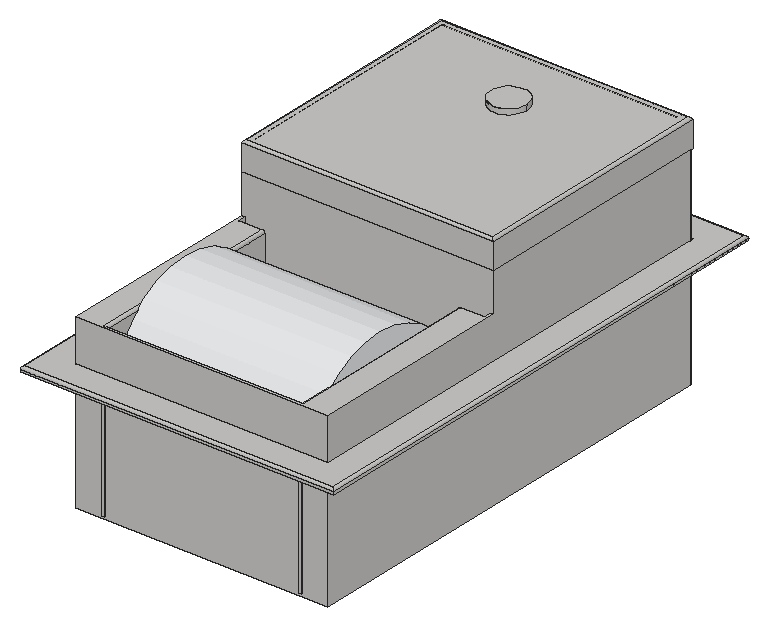
Revit family "RBA BIM - B3888", category Specialty Equipment, host Face, Revit 2013
Parameters (values of type "B-3888")
  URL = "www.rba.com.au"
  Type Comments = "Satin Finish"
  Product Page URL = ""
  Model = "B-3888"
  Manufacturer = "RBA Group"
  Lock Radius = 0.011113 m
  Finish Material = Stainless Steel - Bobrick - Satin
  Description = "Recessed Multi-Roll Toilet Tissue Dispenser"
  Default Elevation = 0.7112 m
  Assembly Code = "C1030200"
  ADA Compliant = yes
Reference planes (m)
  plane 1 "Center (Front/Back)": y = 0
  plane 2: z = 0
  plane 3 "Center (Left/Right)": x = 0
  plane 4 "Left": x = -0.076994
  plane 5 "Right": x = 0.076994
  plane 6 "Top": y = 0.1397
  plane 7 "Bottom": y = -0.1397
  plane 8: x = -0.059531
  plane 9: x = 0.059531
  plane 10: y = -0.017463
  plane 11: y = -0.138113
  plane 12: x = -0.075406
  plane 13: x = 0.075406
  plane 14: y = 0.138112
  plane 15: y = -0.0127
  plane 16: y = 0.09525
  plane 17: y = -0.077788
  plane 18: z = -0.0762
  plane 19: z = -0.074613
  plane 20: z = -0.015875
  plane 21: z = 0.06985
  plane 22: z = 0.073025
  plane 23: z = 0.028575
  plane 24: z = 0.003175
  plane 25: x = -0.096044
  plane 26: x = 0.096044
  plane 27: y = 0.15875
  plane 28: y = -0.15875
  plane 29: x = -0.069078
  plane 30: x = 0.069078
  plane 31: y = -0.004763
  plane 32: y = 0.131762
  plane 33: y = 0.1397
  plane 34: z = 0
Forms (m)
  Extrusion 1, solid, material "Stainless Steel - Bobrick - Satin" <- "Finish Material"
    sketch origin (0, 0, 0) x (1, 0, 0) y (0, 1, 0)
      loop
        arc (-0.075406, 0.1397) -> (-0.076529, 0.139235) -> (-0.076994, 0.138112) r 0.001588
        line (-0.076994, 0.138112) -> (-0.076994, -0.1397) -> (0.076994, -0.1397) -> (0.076994, 0.138123)
        arc (0.076994, 0.138123) -> (0.076532, 0.139238) -> (0.075417, 0.1397) r 0.001577
        line (0.075417, 0.1397) -> (-0.075406, 0.1397)
      loop
        line (-0.075406, 0.138112) -> (-0.075406, -0.138113) -> (0.075406, -0.138113) -> (0.075406, 0.138112) -> (-0.075406, 0.138112)
    from -0.0762 to 0
  Extrusion 2, solid, material "Stainless Steel - Bobrick - Satin" <- "Finish Material"
    sketch origin (0, 0, 0) x (1, 0, 0) y (0, 1, 0)
      loop
        line (-0.076994, 0.138112) -> (-0.076994, -0.1397) -> (0.076994, -0.1397) -> (0.076994, 0.138123)
        arc (0.076994, 0.138123) -> (0.076532, 0.139238) -> (0.075417, 0.1397) r 0.001577
        line (0.075417, 0.1397) -> (-0.075406, 0.1397)
        arc (-0.075406, 0.1397) -> (-0.076529, 0.139235) -> (-0.076994, 0.138112) r 0.001588
    from -0.0762 to -0.074612
  Extrusion 3, void
    sketch origin (0, 0, 0.153987) x (1, 0, 0) y (0, 1, 0)
      loop
        line (0.076994, -0.1397) -> (0.076994, 0.139722) -> (-0.077015, 0.139722) -> (-0.077015, -0.1397) -> (0.076994, -0.1397)
    from -0.230187 to -0.153987
  Extrusion 4, solid, material "Stainless Steel - Bobrick - Satin" <- "Finish Material"
    sketch origin (0, 0, -0.092075) x (1, 0, 0) y (0, 1, 0)
      loop
        line (-0.069078, 0.131762) -> (-0.069078, -0.004763) -> (0.069078, -0.004763) -> (0.069078, 0.131762) -> (-0.069078, 0.131762)
    from 0.160337 to 0.161925
  Extrusion 5, solid, material "Stainless Steel - Bobrick - Satin" <- "Finish Material", detail levels fine
    sketch origin (0, 0, -0.092075) x (1, 0, 0) y (0, 1, 0)
      loop
        circle (0, 0.09525) r 0.011113
    from 0.161925 to 0.1651
  Sweep 6, solid, material "Stainless Steel - Bobrick - Satin" <- "Finish Material"
    path origin (0, 0, -0.080962) x (1, 0, 0) y (0, 1, 0)
      loop
        line (-0.076994, 0.1397) -> (-0.076994, -0.0127) -> (0.076994, -0.0127) -> (0.076994, 0.1397) -> (-0.076994, 0.1397)
    profile origin (0, 0.1397, -0.080962) x (0, 1, 0) y (0, 0, 1)
      loop
        line (0, 0.13335) -> (0, 0.149225)
        arc (0, 0.149225) -> (-0.000465, 0.150348) -> (-0.001587, 0.150812) r 0.001588
        line (-0.001587, 0.150812) -> (-0.007938, 0.150812) -> (-0.007938, 0.149225) -> (-0.003175, 0.149225)
        arc (-0.003175, 0.149225) -> (-0.002052, 0.14876) -> (-0.001588, 0.147637) r 0.001588
        line (-0.001588, 0.147637) -> (-0.001587, 0.13335) -> (0, 0.13335)
  Extrusion 7, solid, material "Stainless Steel - Bobrick - Satin" <- "Finish Material"
    sketch origin (0, 0, 0.153987) x (1, 0, 0) y (0, 1, 0)
      loop
        arc (-0.075406, 0.1397) -> (-0.076529, 0.139235) -> (-0.076994, 0.138112) r 0.001588
        line (-0.076994, 0.138112) -> (-0.076994, -0.012722) -> (0.077015, -0.012722) -> (0.076994, 0.138123)
        arc (0.076994, 0.138123) -> (0.076532, 0.139238) -> (0.075417, 0.1397) r 0.001577
        line (0.075417, 0.1397) -> (-0.075406, 0.1397)
      loop
        line (-0.075406, 0.138112) -> (-0.075406, -0.011134) -> (0.075406, -0.011134) -> (0.075406, 0.138112) -> (-0.075406, 0.138112)
    from -0.153987 to -0.1016
  Extrusion 8, solid, material "Stainless Steel - Bobrick - Satin" <- "Finish Material"
    sketch origin (0, 0, 0.153987) x (1, 0, 0) y (0, 1, 0)
      loop
        line (-0.077016, -0.012721) -> (-0.077016, -0.1397) -> (0.076994, -0.1397) -> (0.076994, -0.0127) -> (0.075406, -0.0127) -> (0.075406, -0.138113) -> (-0.075406, -0.138113) -> (-0.075406, -0.012721) -> (-0.077016, -0.012721)
    from -0.153987 to -0.125412
  Extrusion 9, solid, material "Stainless Steel - Bobrick - Satin" <- "Finish Material"
    sketch origin (0, 0, 0) x (1, 0, 0) y (0, 0, 1)
      loop
        line (-0.075406, 0.028575) -> (-0.075406, 0.026987) -> (-0.061119, 0.026987) -> (-0.061119, -0.074613) -> (-0.059531, -0.074613) -> (-0.059531, 0.026988)
        arc (-0.059531, 0.026988) -> (-0.059996, 0.02811) -> (-0.061119, 0.028575) r 0.001588
        line (-0.061119, 0.028575) -> (-0.075406, 0.028575)
      loop
        line (0.075406, 0.028575) -> (0.061119, 0.028575)
        arc (0.061119, 0.028575) -> (0.059996, 0.02811) -> (0.059531, 0.026988) r 0.001588
        line (0.059531, 0.026988) -> (0.059531, -0.074613) -> (0.061119, -0.074613) -> (0.061119, 0.026987) -> (0.075406, 0.026987) -> (0.075406, 0.028575)
    from 0.017462 to 0.1397
  Extrusion 10, solid, material "Tissue - Bobrick", detail levels medium+fine
    sketch origin (0, 0, 0) x (0, 1, 0) y (0, 0, 1)
      loop
        circle (-0.077788, -0.015875) r 0.05715
      loop
        circle (-0.077788, -0.015875) r 0.0127
    from -0.059531 to 0.059531
  Sweep 11, solid, material "Stainless Steel - Bobrick - Satin" <- "Finish Material"
    path origin (0, 0, 0.153987) x (1, 0, 0) y (0, 1, 0)
      loop
        line (-0.077015, 0.139722) -> (-0.077015, -0.1397) -> (0.076994, -0.1397) -> (0.076994, 0.139722) -> (-0.077015, 0.139722)
    profile origin (-0.000011, 0.139722, 0.153987) x (0, 1, 0) y (0, 0, 1)
      loop
        line (-0.000022, -0.153987) -> (0.019028, -0.153987) -> (0.019028, -0.1524)
        arc (0.019028, -0.1524) -> (0.018563, -0.151277) -> (0.017441, -0.150812) r 0.001588
        line (0.017441, -0.150812) -> (-0.000022, -0.150812) -> (-0.000022, -0.153987)
Cuts and joins
  joined: Extrusion 1, Extrusion 2
  joined: Extrusion 4, Sweep 6
  joined: Extrusion 7, Extrusion 8, Extrusion 9
Lines and regions (m)
  Masking region 1, detail levels medium+fine
    outline origin (0, 0, -0.092075) x (0, 1, 0) y (0, 0, 1)
  Masking region 2, detail levels fine
    outline origin (0, 0, -0.080962) x (0, 1, 0) y (0, 0, 1)
      loop
        line (0.106362, 0.153987) -> (0.084137, 0.153987) -> (0.084137, 0.150812) -> (0.106362, 0.150812) -> (0.106362, 0.153987)
  Masking region 3
    outline origin (0, 0, 0) x (1, 0, 0) y (0, 0, 1)
      loop
        arc (-0.075428, 0.06985) -> (-0.076551, 0.069385) -> (-0.077016, 0.068263) r 0.001588
        line (-0.077016, 0.068263) -> (-0.077016, 0.003175) -> (-0.094671, 0.003168)
        spline (-0.094671, 0.003168) -> (-0.094823, 0.003156) -> (-0.094973, 0.003121) -> (-0.09512, 0.003063) -> (-0.095262, 0.002983) -> (-0.095397, 0.002882) -> (-0.095525, 0.002761) -> (-0.095642, 0.002621) -> (-0.095749, 0.002465) -> (-0.095843, 0.002293) -> (-0.095924, 0.002107) -> (-0.095991, 0.001911) -> (-0.096043, 0.001706)
        line (-0.096043, 0.001706) -> (-0.096043, 0) -> (0.096022, 0) -> (0.096022, 0.001587)
        arc (0.096022, 0.001587) -> (0.095557, 0.00271) -> (0.094434, 0.003175) r 0.001588
        line (0.094434, 0.003175) -> (0.076994, 0.003175) -> (0.076994, 0.068263)
        arc (0.076994, 0.068263) -> (0.076529, 0.069385) -> (0.075406, 0.06985) r 0.001588
        line (0.075406, 0.06985) -> (-0.075428, 0.06985)
  Masking region 4
    outline origin (0, 0, 0) x (0, 1, 0) y (0, 0, 1)
      loop
        line (0.138112, 0.06985) -> (-0.011113, 0.06985)
        arc (-0.011113, 0.06985) -> (-0.012235, 0.069385) -> (-0.0127, 0.068263) r 0.001588
        line (-0.0127, 0.068263) -> (-0.0127, 0.028575) -> (-0.1397, 0.028575) -> (-0.1397, 0.003175) -> (-0.157141, 0.003175)
        arc (-0.157141, 0.003175) -> (-0.158263, 0.00271) -> (-0.158728, 0.001587) r 0.001588
        line (-0.158728, 0.001587) -> (-0.158728, 0) -> (0.15875, 0) -> (0.15875, 0.001587)
        arc (0.15875, 0.001587) -> (0.158285, 0.00271) -> (0.157162, 0.003175) r 0.001588
        line (0.157162, 0.003175) -> (0.1397, 0.003175) -> (0.1397, 0.068262)
        arc (0.1397, 0.068262) -> (0.139235, 0.069385) -> (0.138112, 0.06985) r 0.001588
  Masking region 5
    outline origin (0, 0, 0.153987) x (1, 0, 0) y (0, 1, 0)
      loop
        arc (-0.089714, 0.158772) -> (-0.094204, 0.156912) -> (-0.096064, 0.152422) r 0.00635
        line (-0.096064, 0.152422) -> (-0.096064, -0.1524)
        arc (-0.096064, -0.1524) -> (-0.094204, -0.15689) -> (-0.089714, -0.15875) r 0.00635
        line (-0.089714, -0.15875) -> (0.089693, -0.15875)
        arc (0.089693, -0.15875) -> (0.094183, -0.15689) -> (0.096043, -0.1524) r 0.00635
        line (0.096043, -0.1524) -> (0.096043, 0.152422)
        arc (0.096043, 0.152422) -> (0.094183, 0.156912) -> (0.089693, 0.158772) r 0.00635
        line (0.089693, 0.158772) -> (-0.089714, 0.158772)
  Masking region 6, detail levels medium+fine
    outline origin (0, 0, 0) x (0, 1, 0) y (0, 0, 1)
      loop
        arc (-0.041866, 0.028575) -> (-0.077788, 0.041275) -> (-0.113709, 0.028575) r 0.05715
        line (-0.113709, 0.028575) -> (-0.041866, 0.028575)
  symbolic lines, style "Restroom Accessories"
    curve 1: line (-0.076994, -0.017463, 0.153987) -> (-0.059531, -0.017463, 0.153987)
    curve 2: line (-0.059531, -0.017463, 0.153987) -> (-0.059531, -0.1397, 0.153987)
    curve 3: line (0.059531, -0.1397, 0.153987) -> (0.059531, -0.017463, 0.153987)
    curve 4: line (0.059531, -0.017463, 0.153987) -> (0.076994, -0.017463, 0.153987)
    curve 5: line (-0.076994, -0.012721, 0.153987) -> (0.076994, -0.012721, 0.153987)
    curve 6: line (0.075406, -0.017463, 0.153987) -> (0.075406, -0.012721, 0.153987)
    curve 7: line (-0.075406, -0.017463, 0.153987) -> (-0.075406, -0.012721, 0.153987)
    curve 10: line (0, 0.1397, 0.052387) -> (0, -0.0127, 0.052387)
    curve 11: line (-0.076994, 0.1397, 0.153987) -> (0.076994, 0.1397, 0.153987)
    curve 12: line (-0.076994, -0.1397, 0.153987) -> (-0.076994, 0.1397, 0.153987)
    curve 13: line (0.076994, -0.1397, 0.153987) -> (-0.076994, -0.1397, 0.153987)
    curve 14: line (0.076994, 0.1397, 0.153987) -> (0.076994, -0.1397, 0.153987)
    curve 15: line (0.076994, 0, 0.003175) -> (-0.077015, 0, 0.003175)
    curve 16: line (0, -0.1397, 0.003175) -> (0, 0.139722, 0.003175)
  symbolic lines, style "Restroom Accessories", detail levels medium+fine
    curve 8: line (-0.059531, -0.134938, 0.153987) -> (0.059531, -0.134938, 0.153987)
    curve 9: line (-0.059531, -0.020638, 0.153987) -> (0.059531, -0.020638, 0.153987)
Dimensions and locks (m)
  equal spacing: plane 4 "Left", plane 3 "Center (Left/Right)", plane 5 "Right"
  locked: plane 4 "Left" to plane 5 "Right" at 0.153987
  equal spacing: plane 6 "Top", plane 1 "Center (Front/Back)", plane 7 "Bottom"
  locked: plane 6 "Top" to plane 7 "Bottom" at 0.2794
  locked: plane 4 "Left" to plane 8 at 0.017463
  locked: plane 9 to plane 5 "Right" at 0.017463
  locked: plane 7 "Bottom" to plane 10 at 0.122237
  locked: plane 7 "Bottom" to plane 11 at 0.001588
  locked: plane 4 "Left" to plane 12 at 0.001588
  locked: plane 13 to plane 5 "Right" at 0.001588
  locked: plane 6 "Top" to plane 14 at 0.001588
  locked: plane 6 "Top" to plane 15 at 0.1524
  locked: level to plane 18 at 0.0762
  locked: plane 19 to plane 18 at 0.001588
  locked: plane 21 to level at 0.06985
  locked: plane 22 to plane 21 at 0.003175
  locked: plane 23 to level at 0.028575
  locked: plane 24 to level at 0.003175
  locked: Extrusion 7 sketch curve to Extrusion 7 sketch curve at 0.001588
  locked: Extrusion 9 sketch curve to Extrusion 9 sketch curve at 0.001588  (x2)
  locked: cut or joined group of Extrusion 7, Extrusion 8, Extrusion 9 to Extrusion 9 sketch curve at 0.001588  (x2)
  Extrusion 9 sketch curve to Extrusion 9 sketch curve = 0.001588 m
  locked: host face to plane 20 at 0.015875
  locked: plane 25 to plane 4 "Left" at 0.01905
  locked: plane 5 "Right" to plane 26 at 0.01905
  locked: plane 27 to plane 6 "Top" at 0.01905
  locked: plane 28 to plane 7 "Bottom" at 0.01905
  locked: plane 3 "Center (Left/Right)" to Extrusion 5 sketch curve at 0
  locked: plane 16 to Extrusion 5 sketch curve at 0
  locked: plane 17 to Extrusion 10 sketch curve  (x2)
  locked: plane 20 to Extrusion 10 sketch curve at 0  (x2)
  locked: plane 4 "Left" to plane 29 at 0.007916
  locked: plane 5 "Right" to plane 30 at 0.007916
  locked: plane 15 to plane 31 at 0.007938
  locked: plane 6 "Top" to plane 32 at 0.007938
  locked: plane 21 to Sweep 6 sketch curve at 0.017463
  locked: plane 21 to Sweep 6 sketch curve at 0.001588
  "Lock Radius": radius of Extrusion 5 sketch curve
  aligned and locked: plane 2 to host face
  aligned and locked: level to host face
  aligned and locked: Extrusion 1 sketch curve to plane 6 "Top"
  aligned and locked: Extrusion 1 sketch curve to plane 4 "Left"
  aligned and locked: Extrusion 1 sketch curve to plane 7 "Bottom"
  aligned and locked: Extrusion 1 sketch curve to plane 5 "Right"
  aligned and locked: plane 14 to Extrusion 1 sketch curve
  aligned and locked: Extrusion 1 sketch curve to plane 12
  aligned and locked: Extrusion 1 sketch curve to plane 11
  aligned and locked: plane 13 to Extrusion 1 sketch curve
  aligned: Extrusion 1 to level
  aligned and locked: Extrusion 2 sketch curve to Extrusion 1  (x2)
  aligned: Extrusion 2 to level
  aligned and locked: plane 10 to curve 1
  aligned and locked: Extrusion 3 to plane 18
  aligned and locked: level to Extrusion 3
  aligned and locked: Extrusion 2 to plane 18
  aligned and locked: plane 19 to Extrusion 2
  aligned and locked: Extrusion 1 to Extrusion 2
  aligned and locked: level to Extrusion 1
  aligned and locked: plane 22 to Extrusion 5
  aligned and locked: Extrusion 5 to plane 21
  aligned and locked: Extrusion 4 to Extrusion 5
  aligned and locked: Sweep 6 to Extrusion 4
  aligned and locked: Extrusion 7 sketch curve to cut or joined group of Extrusion 4, Sweep 6  (x2)
  aligned and locked: plane 14 to Extrusion 7 sketch curve
  aligned and locked: Extrusion 7 sketch curve to plane 12
  aligned and locked: plane 13 to Extrusion 7 sketch curve
  aligned and locked: Extrusion 7 to level
  aligned and locked: Extrusion 7 to cut or joined group of Extrusion 4, Sweep 6
  aligned and locked: Extrusion 8 sketch curve to curve 5
  aligned and locked: Extrusion 8 sketch curve to cut or joined group of Extrusion 4, Sweep 6
  aligned and locked: Extrusion 8 sketch curve to curve 7
  aligned and locked: Extrusion 8 sketch curve to plane 11
  aligned and locked: plane 13 to Extrusion 8 sketch curve
  aligned and locked: Extrusion 8 to level
  aligned and locked: plane 23 to Extrusion 8
  aligned and locked: Extrusion 9 sketch curve to plane 8
  aligned and locked: Extrusion 9 sketch curve to plane 9
  aligned and locked: plane 23 to Extrusion 9 sketch curve
  aligned and locked: plane 13 to Extrusion 9 sketch curve
  aligned and locked: Extrusion 9 to plane 10
  aligned: plane 11 to Extrusion 9
  aligned: plane 7 "Bottom" to Extrusion 9
  aligned and locked: Extrusion 9 sketch curve to plane 19
  aligned and locked: plane 19 to Extrusion 9 sketch curve
  aligned and locked: Masking region 3 sketch curve to cut or joined group of Extrusion 4, Sweep 6
  aligned and locked: plane 6 "Top" to Masking region 4 sketch curve
  aligned and locked: Masking region 4 sketch curve to cut or joined group of Extrusion 4, Sweep 6  (x2)
  aligned and locked: plane 23 to Masking region 4 sketch curve
  aligned and locked: host face to Masking region 4 sketch curve
  aligned and locked: plane 8 to Extrusion 10
  aligned and locked: Extrusion 10 to plane 9
  aligned and locked: Sweep 11 sketch curve to plane 27
  aligned and locked: plane 24 to Sweep 11 sketch curve
  aligned and locked: Sweep 11 to Masking region 5 sketch curve  (x2)
  aligned and locked: Masking region 5 sketch curve to Sweep 11  (x2)
  aligned and locked: curve 11 to plane 6 "Top"
  aligned and locked: curve 12 to plane 4 "Left"
  aligned and locked: curve 13 to plane 7 "Bottom"
  aligned and locked: curve 14 to plane 5 "Right"
  aligned and locked: Masking region 3 sketch curve to Sweep 11  (x5)
  aligned and locked: Masking region 4 sketch curve to Sweep 11  (x4)
  aligned and locked: Sweep 11 to Masking region 4 sketch curve
  aligned and locked: curve 16 to Sweep 11
  aligned and locked: plane 23 to Masking region 6 sketch curve
  aligned and locked: Masking region 6 sketch curve to Extrusion 10
  aligned and locked: cut or joined group of Extrusion 7, Extrusion 8, Extrusion 9 to plane 15
  aligned and locked: plane 7 "Bottom" to cut or joined group of Extrusion 7, Extrusion 8, Extrusion 9  (x2)
  aligned and locked: plane 5 "Right" to cut or joined group of Extrusion 7, Extrusion 8, Extrusion 9
  aligned and locked: plane 7 "Bottom" to cut or joined group of Extrusion 1, Extrusion 2
  aligned and locked: cut or joined group of Extrusion 4, Sweep 6 to plane 31
  aligned and locked: cut or joined group of Extrusion 4, Sweep 6 to plane 29
  aligned and locked: cut or joined group of Extrusion 4, Sweep 6 to plane 30
  aligned and locked: plane 32 to cut or joined group of Extrusion 4, Sweep 6
  aligned and locked: Extrusion 9 sketch curve to plane 23
  aligned and locked: plane 12 to Extrusion 9 sketch curve
  aligned and locked: plane 21 to Sweep 6 sketch curve
  aligned and locked: plane 32 to Sweep 6 sketch curve
  aligned and locked: Sweep 6 sketch curve to plane 14
  aligned and locked: plane 6 "Top" to Sweep 6 sketch curve
  aligned and locked: Extrusion 7 sketch curve to plane 33
  aligned and locked: plane 6 "Top" to plane 33
  aligned and locked: Extrusion 7 sketch curve to plane 4 "Left"
  aligned and locked: plane 34 to Sweep 11 sketch curve
  aligned and locked: plane 2 to plane 34
  aligned and locked: Sweep 11 sketch curve to plane 6 "Top"
Automatic sketch dimensions
  host sketch curve to host sketch curve = 0.585087 m
  host sketch curve to host sketch curve = 0.804514 m
  Extrusion 1 sketch curve to plane 12 = 0.000 m
  Extrusion 1 sketch curve to plane 13 = 0.00001 m
  Extrusion 4 sketch curve to plane 12 = 0.006328 m
  plane 13 to Extrusion 4 sketch curve = 0.006328 m
  plane 1 "Center (Front/Back)" to Extrusion 4 sketch curve = 0.004762 m
  plane 14 to Extrusion 4 sketch curve = 0.00635 m
  curve 16 to plane 7 "Bottom" = 0.000 m
  curve 10 to plane 15 = 0.000 m
  curve 10 to plane 6 "Top" = 0.000 m
  plane 6 "Top" to curve 16 = 0.000022 m
  curve 10 to plane 21 = 0.017462 m
  curve 15 to plane 24 = 0.000 m
  curve 15 to plane 5 "Right" = 0.000 m
  plane 4 "Left" to curve 15 = 0.000021 m
  plane 7 "Bottom" to Extrusion 2 sketch curve = 0.000 m
  curve 7 to plane 12 = 0.000 m
  curve 9 to plane 8 = 0.000 m
  curve 3 to plane 9 = 0.000 m
  plane 10 to curve 6 = 0.000 m
  curve 6 to plane 13 = 0.000 m
  curve 8 to plane 11 = 0.003175 m
  plane 10 to curve 9 = 0.003175 m
  plane 15 to curve 5 = 0.000021 m
  plane 7 "Bottom" to Extrusion 3 sketch curve = 0.000 m
  Extrusion 3 sketch curve to plane 5 "Right" = 0.000 m
  plane 4 "Left" to Extrusion 3 sketch curve = 0.000021 m
  plane 6 "Top" to Extrusion 3 sketch curve = 0.000022 m
  Masking region 2 sketch curve to plane 22 = 0.000 m
  Masking region 2 sketch curve to plane 21 = 0.000 m
  plane 16 to Masking region 2 sketch curve = 0.011113 m
  Masking region 2 sketch curve to plane 16 = 0.011112 m
  Sweep 6 sketch curve to plane 4 "Left" = 0.000 m
  Sweep 6 sketch curve to plane 5 "Right" = 0.000 m
  plane 15 to Sweep 6 sketch curve = 0.000 m
  Sweep 6 sketch curve to plane 6 "Top" = 0.000 m
  Sweep 6 sketch curve to Sweep 6 sketch curve = 0.000 m
  Sweep 6 sketch curve to Sweep 6 sketch curve = 0.001587 m
  Masking region 3 sketch curve to plane 24 = 0.000 m
  Masking region 3 sketch curve to plane 25 = 0.00135 m
  Masking region 3 sketch curve to plane 25 = 0.001373 m
  Masking region 3 sketch curve to Masking region 3 sketch curve = 0.000 m
  Masking region 3 sketch curve to plane 24 = 0.000008 m
  Masking region 3 sketch curve to Masking region 3 sketch curve = 0.000022 m
  plane 4 "Left" to Masking region 3 sketch curve = 0.000022 m
  plane 12 to Masking region 3 sketch curve = 0.000022 m
  Masking region 3 sketch curve to Masking region 3 sketch curve = 0.000554 m
  Masking region 4 sketch curve to plane 7 "Bottom" = 0.000 m
  plane 7 "Bottom" to Sweep 11 sketch curve = 0.000 m
  Sweep 11 sketch curve to plane 5 "Right" = 0.000 m
  plane 4 "Left" to Sweep 11 sketch curve = 0.000021 m
  plane 6 "Top" to Sweep 11 sketch curve = 0.000022 m
  Sweep 11 sketch curve to Sweep 11 sketch curve = 0.001588 m
  Masking region 5 sketch curve to plane 25 = 0.006329 m
  plane 27 to Masking region 5 sketch curve = 0.006328 m
  plane 26 to Masking region 5 sketch curve = 0.006351 m  (x2)
  Extrusion 9 sketch curve to Extrusion 9 sketch curve = 0.000 m  (x2)
  Extrusion 8 sketch curve to plane 5 "Right" = 0.000 m
  plane 7 "Bottom" to Extrusion 8 sketch curve = 0.000 m
  plane 15 to Extrusion 8 sketch curve = 0.000 m
  plane 14 to Extrusion 7 sketch curve = 0.000 m
  Extrusion 7 sketch curve to plane 5 "Right" = 0.000 m
  Extrusion 7 sketch curve to plane 13 = 0.00001 m
  Extrusion 7 sketch curve to plane 14 = 0.00001 m
  radius of Extrusion 10 sketch curve = 0.05715 m
  radius of Extrusion 10 sketch curve = 0.0127 m
